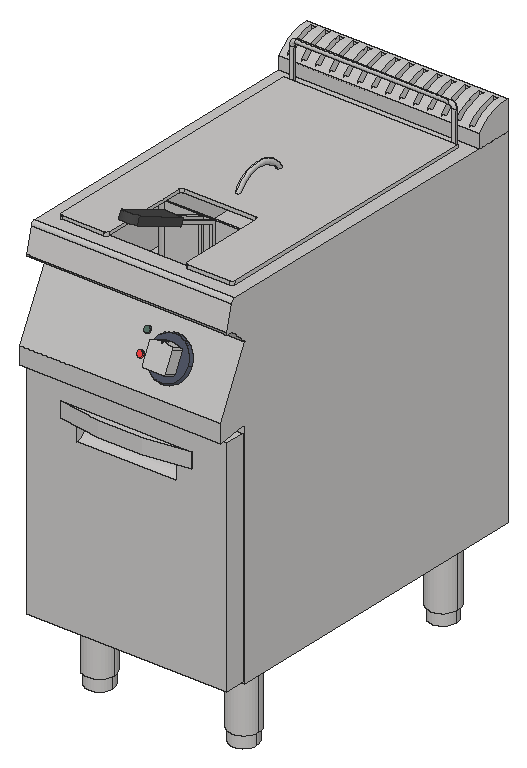
Revit family "QF_ZANUSSI_372081_Z7FRED1GF0", category Specialty Equipment, Revit 2018
Family settings
  Round Connector Dimension = Use Diameter
  Part Type = Normal
  Work Plane-Based = No
  Always vertical = Yes
  Cut with Voids When Loaded = No
  Shared = No
  Room Calculation Point = No
Parameters
  Width = 400 mm  # constant formula
  Weight in Pounds = 121  # constant formula
  Weight = 0.00 kg
  Watts = 10000 W  # constant formula
  Volts = 400 V  # constant formula
  URL Manufacturer = "http://www.zanussiprofessional.com"
  URL Cutsheet = "www.electrolux.com/foodservice"
  URL = "http://www.zanussiprofessional.com"
  Type Mark [instance] = ""
  Steam Supply Size = 0"
  Steam Supply Minimum Pressure = 0.00 psi
  Steam Supply Maximum Pressure = 0.00 psi
  Steam Pounds per Hour = 0
  Status [instance] = ""
  Specification by User [instance] = ""
  Specification by Manufacturer = ""
  Show Logo [instance] = yes
  Show Clearance [instance] = yes
  Serial Number = ""
  Seismic Rating = ""
  SMACNA No = ""
  Revision Code [instance] = ""
  Refrigeration Suction Line Size = 0"
  Refrigeration Liquid Line Size = 0"
  Refrigerant Compressor Remote = yes
  Phase = 3  # constant formula
  Omniclass Number and Title = ""
  Number of Poles [instance] = 1
  NAFEM Spec ID Number = ""
  Model = "Z7FRED1GF0"
  Min Ckt Ampacity = 0 A
  Max Overcurrent Protection = 0 A
  Masterspec = ""
  Manufacturer = "Zanussi"
  Length Actual = 400 mm  # constant formula
  Item Number [instance] = "372081"
  Installed By [instance] = ""
  Identify Quantity as Lot [instance] = yes
  Hot Water Size = 0"
  Height Actual = 850 mm  # constant formula
  Height = 333 mm  # constant formula
  HP = "13.4 HP"
  Gas Size = 0"
  Gas KW = 0
  Gas Input = 0.0 Btu/h
  Furnished By [instance] = ""
  Foodservice Equipment Identifier [instance] = yes
  FL Amps = if(Phase = 3, Watts / (Volts * 1.73), Watts / Volts)  # 14.4509 A
  Electrical Remarks [instance] = "400 V/3N ph/50/60 Hz"  # constant formula
  Electric Connection Type [instance] = ""
  Elec Conn RI Height [instance] = 0 mm
  Elec Conn Connection Height [instance] = 0 mm
  Direct Waste Size = 0"
  Description = "15 LITRE ELECTRIC FRYER 400 MM"
  Depth Actual = 700 mm  # constant formula
  Depth = 715 mm  # constant formula
  Cycle = if([60 Hertz Option], 60 Hz, 50 Hz)  # 60 Hz
  Conn Plug = ""
  Conn Conduit = yes
  Condensate Return Size = 0"
  Compressed Air Volume = 0 GPM
  Compressed Air Size = 0"
  Compressed Air Pressure = 0.00 psi
  Cold Water Size = 0"
  CSI MasterFormat = ""
  CSI Master Format = ""
  Base Height [instance] = 150 mm  # constant formula
  Apparent Power = if(Phase = 3, Volts * FL Amps * 1.73, Volts * FL Amps)  # 10000 VA
  Accessory = yes
  60 Hertz Option = not([50 Hertz Option])  # yes
  50 Hertz Option = no
Reference planes
  plane 1 "BACK": y = 0
  plane 2: z = 0
  plane 3 "LEFT": x = 0
  plane 4 "RIGHT": x = 400
  plane 5 "FRONT": y = -715
  plane 6 "TOP": z = 908.238
  plane 7 "Center Y": x = 200
  plane 8 "Center X": y = -357.5
  plane 9 "BASE": z = 600.238
  plane 10 "TOP A": z = 850.238
  plane 11: y = -587.387
  plane 12: y = -90
  plane 13: z = 150
Forms (mm)
  Extrusion 1, solid, material "QF_Finishes_Stainless Steel"
    sketch origin (0, 0, 0) x (0, 1, 0) y (0, 0, 1)
      loop
        line (0, 850) -> (-679.358, 850)
        arc (-679.358, 850) -> (-684.643, 847.811) -> (-686.833, 842.526) r 7.474
        line (-686.833, 842.526) -> (-699.884, 797.011)
        arc (-699.884, 797.011) -> (-699.396, 794.379) -> (-697, 793.184) r 3
        line (-697, 793.184) -> (-686.802, 793.184) -> (-654.982, 761.364) -> (-715, 640.508) -> (-715, 605.508) -> (-658.645, 613.428)
        arc (-658.645, 613.428) -> (-656.101, 612.674) -> (-655, 610.259) r 3.2
        line (-655, 610.259) -> (-655, 150) -> (0, 150) -> (0, 850)
      loop
        line (-700, 600) -> (-700, 155) -> (-660, 155) -> (-660, 600) -> (-700, 600)
    from 0 to 400
  Extrusion 2, solid, material "QF_Finishes_Stainless Steel"
    sketch origin (0, 0, 0) x (0, 1, 0) y (0, 0, 1)
      loop
        line (0, 850.238) -> (0, 908.237)
        arc (0, 908.237) -> (-38.715, 900.058) -> (-69.85, 875.637) r 87.358
        line (-69.85, 875.637) -> (-69.85, 850.238) -> (0, 850.238)
    from 0 to 400
  Extrusion 3, void
    sketch origin (0, 0, 850.238) x (-1, 0, 0) y (0, -1, 0)
      loop
        line (-33.338, 90.124) -> (-33.338, 645.265) -> (-366.662, 645.265) -> (-366.662, 90.124) -> (-33.338, 90.124)
    from 0 to -152.4
  Extrusion 4, solid, material "QF_Finishes_Stainless Steel"
    sketch origin (0, 0, 850.238) x (-1, 0, 0) y (0, -1, 0)
      loop
        arc (-26.988, 645.265) -> (-28.847, 649.755) -> (-33.338, 651.615) r 6.35
        line (-33.338, 651.615) -> (-115.863, 651.615)
        arc (-115.863, 651.615) -> (-120.353, 649.755) -> (-122.213, 645.265) r 6.35
        line (-122.213, 645.265) -> (-122.213, 473.512)
        arc (-122.213, 473.512) -> (-124.072, 469.021) -> (-128.563, 467.162) r 6.35
        line (-128.563, 467.162) -> (-271.437, 467.162)
        arc (-271.437, 467.162) -> (-275.928, 469.021) -> (-277.787, 473.512) r 6.35
        line (-277.787, 473.512) -> (-277.787, 645.29)
        arc (-277.787, 645.29) -> (-279.64, 649.762) -> (-284.112, 651.615) r 6.325
        line (-284.112, 651.615) -> (-366.662, 651.615)
        arc (-366.662, 651.615) -> (-371.153, 649.755) -> (-373.013, 645.265) r 6.35
        line (-373.013, 645.265) -> (-373.013, 90.124) -> (-26.988, 90.124) -> (-26.988, 645.265)
    from 0 to 6.35
  Sweep 5, solid, material "QF_Finishes_Stainless Steel"
    path origin (200, 0, 0) x (0, 1, 0) y (0, 0, 1)
      loop
        arc (-315.761, 850.238) -> (-370.2, 884.016) -> (-424.639, 850.238) r 60.757
    profile origin (200, -370.2, 884.016) x (0, 0, -1) y (1, 0, 0)
      loop
        circle (0, 0) r 4.353
  Sweep 6, solid, material "QF_Finishes_Stainless Steel"
    path origin (0, 0, 0) x (1, 0, 0) y (0, 0, 1)
      loop
        line (39.688, 846.5) -> (39.688, 914.588)
        arc (39.688, 914.588) -> (41.547, 919.078) -> (46.038, 920.938) r 6.35
        line (46.038, 920.938) -> (352.225, 920.938)
        arc (352.225, 920.938) -> (356.715, 919.078) -> (358.575, 914.588) r 6.35
        line (358.575, 914.588) -> (358.575, 846.5)
    profile origin (39.688, 0, 880.544) x (-1, 0, 0) y (0, -1, 0)
      loop
        circle (2.09, 83.254) r 3.827
  Extrusion 7, void
    sketch origin (0, 0, 850.238) x (-1, 0, 0) y (0, -1, 0)
      loop
        line (-13.453, 6.761) -> (-13.453, 63.911) -> (-22.749, 63.911) -> (-22.749, 6.761) -> (-13.453, 6.761)
    from 25.4 to 63.5
  Extrusion 8, void
    sketch origin (400.05, 0, 850.237) x (1, 0, 0) y (0, 1, 0)
      loop
        line (-13.503, -6.761) -> (-22.799, -6.761) -> (-22.799, -63.911) -> (-13.503, -63.911) -> (-13.503, -6.761)
    from 25.4 to 63.5
  Extrusion 9, void
    sketch origin (27.988, 0, 850.238) x (-1, 0, 0) y (0, -1, 0)
      loop
        line (-13.453, 6.761) -> (-13.453, 63.911) -> (-22.749, 63.911) -> (-22.749, 6.761) -> (-13.453, 6.761)
    from 25.4 to 63.5
  Extrusion 10, void
    sketch origin (55.977, 0, 850.238) x (-1, 0, 0) y (0, -1, 0)
      loop
        line (-13.453, 6.761) -> (-13.453, 63.911) -> (-22.749, 63.911) -> (-22.749, 6.761) -> (-13.453, 6.761)
    from 25.4 to 63.5
  Extrusion 11, void
    sketch origin (83.965, 0, 850.238) x (-1, 0, 0) y (0, -1, 0)
      loop
        line (-13.428, 6.761) -> (-13.428, 63.911) -> (-22.724, 63.911) -> (-22.724, 6.761) -> (-13.428, 6.761)
    from 25.4 to 63.5
  Extrusion 12, void
    sketch origin (111.953, 0, 850.237) x (-1, 0, 0) y (0, -1, 0)
      loop
        line (-13.428, 6.761) -> (-13.428, 63.911) -> (-22.724, 63.911) -> (-22.724, 6.761) -> (-13.428, 6.761)
    from 25.4 to 63.5
  Extrusion 13, void
    sketch origin (139.942, 0, 850.237) x (-1, 0, 0) y (0, -1, 0)
      loop
        line (-13.428, 6.761) -> (-13.428, 63.911) -> (-22.724, 63.911) -> (-22.724, 6.761) -> (-13.428, 6.761)
    from 25.4 to 63.5
  Extrusion 14, void
    sketch origin (167.93, 0, 850.237) x (-1, 0, 0) y (0, -1, 0)
      loop
        line (-13.428, 6.761) -> (-13.428, 63.911) -> (-22.724, 63.911) -> (-22.724, 6.761) -> (-13.428, 6.761)
    from 25.4 to 63.5
  Extrusion 15, void
    sketch origin (195.918, 0, 850.237) x (-1, 0, 0) y (0, -1, 0)
      loop
        line (-13.428, 6.761) -> (-13.428, 63.911) -> (-22.724, 63.911) -> (-22.724, 6.761) -> (-13.428, 6.761)
    from 25.4 to 63.5
  Extrusion 16, void
    sketch origin (223.907, 0, 850.237) x (-1, 0, 0) y (0, -1, 0)
      loop
        line (-13.428, 6.761) -> (-13.428, 63.911) -> (-22.724, 63.911) -> (-22.724, 6.761) -> (-13.428, 6.761)
    from 25.4 to 63.5
  Extrusion 17, void
    sketch origin (251.895, 0, 850.237) x (-1, 0, 0) y (0, -1, 0)
      loop
        line (-13.428, 6.761) -> (-13.428, 63.911) -> (-22.724, 63.911) -> (-22.724, 6.761) -> (-13.428, 6.761)
    from 25.4 to 63.5
  Extrusion 18, void
    sketch origin (279.884, 0, 850.237) x (-1, 0, 0) y (0, -1, 0)
      loop
        line (-13.403, 6.761) -> (-13.403, 63.911) -> (-22.699, 63.911) -> (-22.699, 6.761) -> (-13.403, 6.761)
    from 25.4 to 63.5
  Extrusion 19, void
    sketch origin (307.872, 0, 850.237) x (-1, 0, 0) y (0, -1, 0)
      loop
        line (-13.403, 6.761) -> (-13.403, 63.911) -> (-22.699, 63.911) -> (-22.699, 6.761) -> (-13.403, 6.761)
    from 25.4 to 63.5
  Extrusion 20, void
    sketch origin (335.86, 0, 850.237) x (-1, 0, 0) y (0, -1, 0)
      loop
        line (-13.403, 6.761) -> (-13.403, 63.911) -> (-22.699, 63.911) -> (-22.699, 6.761) -> (-13.403, 6.761)
    from 25.4 to 63.5
  Extrusion 21, solid, material "QF_Finishes_Clearance", visible <- "Show Clearance", detail levels coarse
    sketch origin (0, 0, 0) x (1, 0, 0) y (0, 1, 0)
      loop
        line (0, -715) -> (0, 0) -> (400, 0) -> (400, -715) -> (550.019, -715) -> (550.019, 150.019) -> (-150.019, 150.019) -> (-150.019, -715) -> (0, -715)
    from 0 to 908.237
  Extrusion 22, solid, material "QF_Finishes_Black"
    sketch origin (265.962, -698.333, 942.26) x (0, 0.906308, -0.422618) y (-1, 0, 0)
      loop
        line (10.103, 47.345) -> (128.716, 47.345) -> (128.716, 84.58) -> (10.103, 84.58)
        arc (10.103, 84.58) -> (-0.124, 65.962) -> (10.103, 47.345) r 22.059
    from -15.884 to 0
  Extrusion 23, solid, material "QF_Finishes_Stainless Steel"
    sketch origin (265.962, 41.275, 0) x (0, 1, 0) y (0, 0, 1)
      loop
        line (-537.413, 741.238) -> (-537.413, 842.715) -> (-624.966, 883.542) -> (-627.65, 877.787) -> (-543.763, 838.67) -> (-543.763, 741.238) -> (-537.413, 741.238)
    from -80.476 to -74.619
  Extrusion 24, solid, material "QF_Finishes_Stainless Steel"
    sketch origin (134.088, 41.275, 0) x (0, 1, 0) y (0, 0, -1)
      loop
        line (-543.763, -838.67) -> (-627.65, -877.787) -> (-624.966, -883.542) -> (-537.413, -842.715) -> (-537.413, -741.238) -> (-543.763, -741.238) -> (-543.763, -838.67)
    from -80.476 to -74.619
  Extrusion 25, solid, material "QF_Finishes_Mesh"
    sketch origin (0, 0, 850.238) x (-1, 0, 0) y (0, -1, 0)
      loop
        arc (-116.6, 131.498) -> (-98.64, 138.937) -> (-91.2, 156.898) r 25.4
        line (-91.2, 156.898) -> (-91.2, 473.61)
        arc (-91.2, 473.61) -> (-98.64, 491.571) -> (-116.6, 499.01) r 25.4
        line (-116.6, 499.01) -> (-294.375, 499.01)
        arc (-294.375, 499.01) -> (-312.336, 491.571) -> (-319.775, 473.61) r 25.4
        line (-319.775, 473.61) -> (-319.775, 156.898)
        arc (-319.775, 156.898) -> (-312.336, 138.937) -> (-294.375, 131.498) r 25.4
        line (-294.375, 131.498) -> (-116.6, 131.498)
      loop
        arc (-116.6, 134.673) -> (-100.885, 141.182) -> (-94.375, 156.898) r 22.225
        line (-94.375, 156.898) -> (-94.375, 473.61)
        arc (-94.375, 473.61) -> (-100.885, 489.326) -> (-116.6, 495.835) r 22.225
        line (-116.6, 495.835) -> (-294.375, 495.835)
        arc (-294.375, 495.835) -> (-310.091, 489.326) -> (-316.6, 473.61) r 22.225
        line (-316.6, 473.61) -> (-316.6, 156.898)
        arc (-316.6, 156.898) -> (-310.091, 141.182) -> (-294.375, 134.673) r 22.225
        line (-294.375, 134.673) -> (-116.6, 134.673)
    from -109 to -5.315
  Revolve 26, solid, material "QF_Finishes_Stainless Steel"
    sketch origin (0, -587.387, 608.09) x (0, 0, 1) y (-1, 0, 0)
      loop
        line (-608.09, -56) -> (-458.09, -56) -> (-458.09, -26) -> (-583.09, -26) -> (-583.09, -29.75) -> (-608.09, -29.75) -> (-608.09, -56)
      axis (-608.09, -56) -> (-458.09, -56)
    angle from 0 to 360
  Revolve 27, solid, material "QF_Finishes_Stainless Steel"
    sketch origin (400.05, -587.387, 608.09) x (0, 0, 1) y (-1, 0, 0)
      loop
        line (-608.09, 56.05) -> (-608.09, 29.8) -> (-583.09, 29.8) -> (-583.09, 26.05) -> (-458.09, 26.05) -> (-458.09, 56.05) -> (-608.09, 56.05)
      axis (-608.09, 56.05) -> (-458.09, 56.05)
    angle from 0 to 360
  Revolve 28, solid, material "QF_Finishes_Stainless Steel"
    sketch origin (0, -90, 608.09) x (0, 0, 1) y (-1, 0, 0)
      loop
        line (-608.09, -56) -> (-458.09, -56) -> (-458.09, -26) -> (-583.09, -26) -> (-583.09, -29.75) -> (-608.09, -29.75) -> (-608.09, -56)
      axis (-608.09, -56) -> (-458.09, -56)
    angle from 0 to 360
  Revolve 29, solid, material "QF_Finishes_Stainless Steel"
    sketch origin (400.05, -90, 608.09) x (0, 0, 1) y (-1, 0, 0)
      loop
        line (-608.09, 56.05) -> (-608.09, 29.8) -> (-583.09, 29.8) -> (-583.09, 26.05) -> (-458.09, 26.05) -> (-458.09, 56.05) -> (-608.09, 56.05)
      axis (-608.09, 56.05) -> (-458.09, 56.05)
    angle from 0 to 360
  Extrusion 30, solid, material "QF_Finishes_Stainless Steel"
    sketch origin (-77.88, -4572, 600.238) x (-1, 0, 0) y (0, -1, 0)
      loop
        circle (-425.88, -4067) r 12.7
    from 0 to -12.7
  Blend 31, solid, material "QF_Finishes_Navy Blue"
    base sketch origin (275, -684.991, 700.936) x (1, 0, 0) y (0, 0.444781, 0.895639)
      loop
        circle (0, 0) r 42.5
    top sketch origin (275, -684.991, 700.936) x (1, 0, 0) y (0, 0.444781, 0.895639)
      loop
        circle (0, 0) r 40.5
    from 0 to 5
  Extrusion 32, solid, material "QF_Finishes_Stainless Steel"
    sketch origin (275, -684.991, 700.936) x (1, 0, 0) y (0, 0.444781, 0.895639)
      loop
        arc (-21.147, 22.789) -> (-22.494, 21.685) -> (-23, 20.019) r 2.997
        line (-23, 20.019) -> (-23, -20.019)
        arc (-23, -20.019) -> (-22.122, -22.138) -> (-20.003, -23.016) r 2.997
        line (-20.003, -23.016) -> (20.003, -23.016)
        arc (20.003, -23.016) -> (22.122, -22.138) -> (23, -20.019) r 2.997
        line (23, -20.019) -> (23, 20.019)
        arc (23, 20.019) -> (22.494, 21.685) -> (21.147, 22.789) r 2.997
        arc (21.147, 22.789) -> (0, 26.984) -> (-21.147, 22.789) r 55.4
    from 10 to 34
  Extrusion 33, solid, material "QF_Finishes_Stainless Steel"
    sketch origin (275, -684.991, 700.936) x (1, 0, 0) y (0, 0.444781, 0.895639)
      loop
        line (17.5, 17.5) -> (-17.5, 17.5) -> (-17.5, -17.5) -> (17.5, -17.5) -> (17.5, 17.5)
    from 5 to 10
  Extrusion 34, solid, material "QF_Plastic-Black-Matte"
    sketch origin (195, -684.991, 700.936) x (0, 0.444781, 0.895639) y (0, 0.895639, -0.444781)
      loop
        line (26.984, -34) -> (23.984, -34) -> (23.984, -35) -> (26.984, -35)
        arc (26.984, -35) -> (27.691, -34.707) -> (27.984, -34) r 1
        line (27.984, -34) -> (27.984, -19) -> (26.984, -19) -> (26.984, -34)
    from -81 to -79
  Extrusion 35, solid, material "QF_Finishes_Red"
    sketch origin (275, -689.439, 691.98) x (1, 0, 0) y (0, 0.444781, 0.895639)
      loop
        circle (-55.001, 0) r 6
    from 0 to 1.6
  Extrusion 36, solid, material "QF_Finishes_DarkGreen"
    sketch origin (275, -671.648, 727.805) x (1, 0, 0) y (0, 0.444781, 0.895639)
      loop
        circle (-55.001, 0) r 6
    from 0 to 1.6
  Extrusion 37, solid, material "QF_Finishes_Door Clearance", visible <- "Show Clearance", detail levels coarse
    sketch origin (0, 0, 850) x (-1, 0, 0) y (0, -1, 0)
      loop
        arc (0, 672.137) -> (-117.157, 954.98) -> (-400, 1072.137) r 400
        line (-400, 1072.137) -> (-400, 672.137) -> (0, 672.137)
    from -695 to -250
  Extrusion 38, solid, material "QF_Finishes_Stainless Steel"
    sketch origin (-77.88, -4572, 130) x (-1, 0, 0) y (0, -1, 0)
      loop
        arc (-147.606, -3871.085) -> (-277.88, -3857) -> (-408.153, -3871.085) r 609.497
        line (-408.153, -3871.085) -> (-408.153, -3872) -> (-147.606, -3872) -> (-147.606, -3871.085)
    from 400 to 430
  Extrusion 39, void
    sketch origin (200, -27.863, -20) x (0, 1, 0) y (0, 0, 1)
      loop
        line (-672.137, 567) -> (-672.137, 517)
        arc (-672.137, 517) -> (-656.47, 524.721) -> (-650.137, 541) r 24.091
        line (-650.137, 541) -> (-650.137, 567) -> (-672.137, 567)
    from -100 to 100
Cuts and joins
  Extrusion 3, Extrusion 7, Extrusion 39 cuts Extrusion 1
  joined: Extrusion 4, Sweep 5
  Extrusion 7, Extrusion 8, Extrusion 9, Extrusion 10, Extrusion 11, Extrusion 12, Extrusion 13, Extrusion 14, Extrusion 15, Extrusion 16, Extrusion 17, Extrusion 18, Extrusion 19, Extrusion 20 cuts Extrusion 2
Lines and regions (mm)
  Split face 1
    outline origin (276.664, -684.796, 712.57) x (1, 0, 0) y (0, 0.444781, 0.895639)
      loop
        circle (-34, 0) r 1.5
  Split face 2
    outline origin (273.297, -687.581, 706.962) x (1, 0, 0) y (0, 0.444781, 0.895639)
      loop
        circle (-30.633, -14.752) r 1.5
  Split face 3
    outline origin (276.214, -689.88, 702.332) x (1, 0, 0) y (0, 0.444781, 0.895639)
      loop
        circle (-21.199, -26.582) r 1.5
  Split face 4
    outline origin (282.566, -689.848, 702.397) x (1, 0, 0) y (0, 0.444781, 0.895639)
      loop
        circle (-7.566, -33.148) r 1.5
  Split face 5
    outline origin (287.419, -686.96, 708.212) x (1, 0, 0) y (0, 0.444781, 0.895639)
      loop
        circle (7.566, -33.148) r 1.5
  Split face 6
    outline origin (286.137, -682.319, 717.558) x (1, 0, 0) y (0, 0.444781, 0.895639)
      loop
        circle (21.199, -26.582) r 1.5
  Split face 7
    outline origin (276.703, -678.235, 725.783) x (1, 0, 0) y (0, 0.444781, 0.895639)
      loop
        circle (30.633, -14.752) r 1.5
  Split face 8
    outline origin (260.985, -677.235, 727.796) x (1, 0, 0) y (0, 0.444781, 0.895639)
      loop
        circle (34, 0) r 1.5
  Split face 9
    outline origin (275, -689.469, 703.16) x (1, 0, 0) y (0, 0.444781, 0.895639)
      loop
        circle (0, 34) r 1.5
  symbolic lines, style "QF-Clearances", visible <- "Show Clearance", detail levels coarse
    curve 1: line (-150.019, 150.019, 850.238) -> (-150.019, -716.377, 850.238)
    curve 2: line (550.019, 150.019, 850.237) -> (-150.019, 150.019, 850.238)
    curve 3: line (550.019, -716.377, 850.237) -> (550.019, 150.019, 850.237)
  symbolic lines
    curve 4: line (0, 0, 850.238) -> (400, 0, 850.237)
    curve 5: line (0, -715, 850.238) -> (0, 0, 850.238)
    curve 6: line (400, 0, 850.237) -> (400, -715, 850.237)
    curve 7: line (22.724, -6.761, 850.238) -> (22.724, -63.911, 850.238)
    curve 8: line (22.724, -63.911, 850.238) -> (13.428, -63.911, 850.238)
    curve 9: line (13.428, -63.911, 850.238) -> (13.428, -6.761, 850.238)
    curve 10: line (13.428, -6.761, 850.238) -> (22.724, -6.761, 850.238)
    curve 11: line (386.547, -6.761, 850.237) -> (386.547, -63.911, 850.237)
    curve 12: line (386.547, -63.911, 850.237) -> (377.251, -63.911, 850.237)
    curve 13: line (377.251, -63.911, 850.237) -> (377.251, -6.761, 850.237)
    curve 14: line (377.251, -6.761, 850.237) -> (386.547, -6.761, 850.237)
    curve 15: line (50.712, -6.761, 850.238) -> (50.712, -63.911, 850.238)
    curve 16: line (50.712, -63.911, 850.238) -> (41.416, -63.911, 850.238)
    curve 17: line (41.416, -63.911, 850.238) -> (41.416, -6.761, 850.238)
    curve 18: line (41.416, -6.761, 850.238) -> (50.712, -6.761, 850.238)
    curve 19: line (78.7, -6.761, 850.238) -> (78.7, -63.911, 850.238)
    curve 20: line (78.7, -63.911, 850.238) -> (69.405, -63.911, 850.238)
    curve 21: line (69.405, -63.911, 850.238) -> (69.405, -6.761, 850.238)
    curve 22: line (69.405, -6.761, 850.238) -> (78.7, -6.761, 850.238)
    curve 23: line (106.689, -6.761, 850.237) -> (106.689, -63.911, 850.237)
    curve 24: line (106.689, -63.911, 850.237) -> (97.393, -63.911, 850.238)
    curve 25: line (97.393, -63.911, 850.238) -> (97.393, -6.761, 850.238)
    curve 26: line (97.393, -6.761, 850.238) -> (106.689, -6.761, 850.237)
    curve 27: line (134.677, -6.761, 850.237) -> (134.677, -63.911, 850.237)
    curve 28: line (134.677, -63.911, 850.237) -> (125.381, -63.911, 850.237)
    curve 29: line (125.381, -63.911, 850.237) -> (125.381, -6.761, 850.237)
    curve 30: line (125.381, -6.761, 850.237) -> (134.677, -6.761, 850.237)
    curve 31: line (162.665, -6.761, 850.237) -> (162.665, -63.911, 850.237)
    curve 32: line (162.665, -63.911, 850.237) -> (153.37, -63.911, 850.237)
    curve 33: line (153.37, -63.911, 850.237) -> (153.37, -6.761, 850.237)
    curve 34: line (153.37, -6.761, 850.237) -> (162.665, -6.761, 850.237)
    curve 35: line (190.654, -6.761, 850.237) -> (190.654, -63.911, 850.237)
    curve 36: line (190.654, -63.911, 850.237) -> (181.358, -63.911, 850.237)
    curve 37: line (181.358, -63.911, 850.237) -> (181.358, -6.761, 850.237)
    curve 38: line (181.358, -6.761, 850.237) -> (190.654, -6.761, 850.237)
    curve 39: line (218.642, -6.761, 850.237) -> (218.642, -63.911, 850.237)
    curve 40: line (218.642, -63.911, 850.237) -> (209.346, -63.911, 850.237)
    curve 41: line (209.346, -63.911, 850.237) -> (209.346, -6.761, 850.237)
    curve 42: line (209.346, -6.761, 850.237) -> (218.642, -6.761, 850.237)
    curve 43: line (246.605, -6.761, 850.237) -> (246.605, -63.911, 850.237)
    curve 44: line (246.605, -63.911, 850.237) -> (237.31, -63.911, 850.237)
    curve 45: line (237.31, -63.911, 850.237) -> (237.31, -6.761, 850.237)
    curve 46: line (237.31, -6.761, 850.237) -> (246.605, -6.761, 850.237)
    curve 47: line (274.594, -6.761, 850.237) -> (274.594, -63.911, 850.237)
    curve 48: line (274.594, -63.911, 850.237) -> (265.298, -63.911, 850.237)
    curve 49: line (265.298, -63.911, 850.237) -> (265.298, -6.761, 850.237)
    curve 50: line (265.298, -6.761, 850.237) -> (274.594, -6.761, 850.237)
    curve 51: line (302.582, -6.761, 850.237) -> (302.582, -63.911, 850.237)
    curve 52: line (302.582, -63.911, 850.237) -> (293.286, -63.911, 850.237)
    curve 53: line (293.286, -63.911, 850.237) -> (293.286, -6.761, 850.237)
    curve 54: line (293.286, -6.761, 850.237) -> (302.582, -6.761, 850.237)
    curve 55: line (330.57, -6.761, 850.237) -> (330.57, -63.911, 850.237)
    curve 56: line (330.57, -63.911, 850.237) -> (321.275, -63.911, 850.237)
    curve 57: line (321.275, -63.911, 850.237) -> (321.275, -6.761, 850.237)
    curve 58: line (321.275, -6.761, 850.237) -> (330.57, -6.761, 850.237)
    curve 59: line (358.559, -6.761, 850.237) -> (358.559, -63.911, 850.237)
    curve 60: line (358.559, -63.911, 850.237) -> (349.263, -63.911, 850.237)
    curve 61: line (349.263, -63.911, 850.237) -> (349.263, -6.761, 850.237)
    curve 62: line (349.263, -6.761, 850.237) -> (358.559, -6.761, 850.237)
    curve 63: line (26.988, -90.124, 850.238) -> (26.988, -645.265, 850.238)
    curve 64: arc (26.988, -645.265, 850.238) -> (28.847, -649.755, 850.238) -> (33.338, -651.615, 850.238) r 6.35
    curve 65: line (33.338, -651.615, 850.238) -> (115.863, -651.615, 850.237)
    curve 66: arc (115.863, -651.615, 850.237) -> (120.353, -649.755, 850.237) -> (122.213, -645.265, 850.237) r 6.35
    curve 67: line (122.213, -645.265, 850.237) -> (122.213, -473.512, 850.237)
    curve 68: arc (122.213, -473.512, 850.237) -> (124.072, -469.021, 850.237) -> (128.563, -467.162, 850.237) r 6.35
    curve 69: line (128.563, -467.162, 850.237) -> (271.413, -467.162, 850.237)
    curve 70: arc (271.413, -467.162, 850.237) -> (275.903, -469.021, 850.237) -> (277.763, -473.512, 850.237) r 6.35
    curve 71: line (277.763, -473.512, 850.237) -> (277.763, -645.265, 850.237)
    curve 72: arc (277.763, -645.265, 850.237) -> (279.622, -649.755, 850.237) -> (284.113, -651.615, 850.237) r 6.35
    curve 73: line (284.113, -651.615, 850.237) -> (366.663, -651.615, 850.237)
    curve 74: arc (366.663, -651.615, 850.237) -> (371.153, -649.755, 850.237) -> (373.013, -645.265, 850.237) r 6.35
    curve 75: line (373.013, -645.265, 850.237) -> (373.013, -90.124, 850.237)
    curve 76: line (373.013, -90.124, 850.237) -> (26.988, -90.124, 850.238)
    curve 77: line (31.725, -69.85, 850.238) -> (0, -69.85, 850.238)
    curve 78: line (0, -69.85, 850.238) -> (0, -63.012, 850.238)
    curve 79: line (0, -69.85, 850.238) -> (400, -69.85, 850.237)
    curve 80: line (201.587, -90.124, 850.237) -> (366.663, -90.124, 850.237)
    curve 81: line (33.313, -90.124, 850.238) -> (198.413, -90.124, 850.237)
    curve 82: line (218.617, -695.889, 850.237) -> (218.617, -581.677, 850.237)
    curve 83: line (181.383, -581.677, 850.237) -> (181.383, -695.889, 850.237)
    curve 84: line (218.617, -581.677, 850.237) -> (181.383, -581.677, 850.237)
    curve 85: spline (218.617, -695.889, 850.237) -> (216.385, -698.551, 850.237) -> (213.694, -700.839, 850.237) -> (210.621, -702.688, 850.237) -> (207.25, -704.047, 850.237) -> (203.676, -704.878, 850.237) -> (200, -705.158, 850.237) -> (196.324, -704.878, 850.237) -> (192.75, -704.047, 850.237) -> (189.379, -702.688, 850.237) -> (186.306, -700.839, 850.237) -> (183.615, -698.551, 850.237) -> (181.383, -695.889, 850.237)
    curve 86: line (218.617, -645.265, 850.237) -> (277.763, -645.265, 850.237)
    curve 87: line (181.383, -645.265, 850.237) -> (122.213, -645.265, 850.237)
    curve 88: line (191.318, -499.01, 850.237) -> (191.318, -581.677, 850.237)
    curve 89: line (185.462, -581.677, 850.237) -> (185.462, -499.01, 850.237)
    curve 90: line (214.538, -499.01, 850.237) -> (214.538, -581.677, 850.237)
    curve 91: line (208.682, -581.677, 850.237) -> (208.682, -499.01, 850.237)
    curve 92: spline (181.383, -689.176, 850.237) -> (183.615, -691.839, 850.237) -> (186.306, -694.126, 850.237) -> (189.379, -695.976, 850.237) -> (192.75, -697.335, 850.237) -> (196.324, -698.166, 850.237) -> (200, -698.445, 850.237) -> (203.676, -698.166, 850.237) -> (207.25, -697.335, 850.237) -> (210.621, -695.976, 850.237) -> (213.694, -694.126, 850.237) -> (216.385, -691.839, 850.237) -> (218.617, -689.176, 850.237)
    curve 93: line (195.545, -420.932, 850.237) -> (195.545, -319.469, 850.237)
    curve 94: line (204.443, -319.469, 850.237) -> (204.443, -420.932, 850.237)
    curve 95: arc (195.545, -420.932, 850.237) -> (199.994, -425.382, 850.237) -> (204.443, -420.932, 850.237) r 4.449
    curve 96: arc (195.545, -319.469, 850.237) -> (199.994, -315.02, 850.237) -> (204.443, -319.469, 850.237) r 4.449
    curve 97: line (37.573, -79.289, 850.238) -> (362.402, -79.289, 850.237)
    curve 98: line (37.573, -86.944, 850.238) -> (37.573, -79.289, 850.238)
    curve 99: line (362.402, -86.944, 850.237) -> (37.573, -86.944, 850.238)
    curve 100: line (362.402, -79.289, 850.237) -> (362.402, -86.944, 850.237)
    curve 101: line (122.213, -499.01, 850.237) -> (277.763, -499.01, 850.237)
    curve 102: line (122.213, -495.835, 850.237) -> (277.763, -495.835, 850.237)
    curve 105: line (0, -700, 0) -> (185.248, -700, 0)
    curve 106: line (252, -700, 0) -> (252, -724.347, 0)
    curve 107: arc (252, -724.347, 0) -> (252.146, -724.811, 0) -> (252.532, -725.107, 0) r 0.809
    curve 108: arc (252.532, -725.107, 0) -> (253.72, -725.587, 0) -> (254.997, -725.68, 0) r 4.127
    curve 109: arc (252, -704.292, 0) -> (246.959, -702.458, 0) -> (242.191, -700, 0) r 42.24
    curve 110: arc (252, -706.539, 0) -> (252.502, -705.818, 0) -> (253.299, -705.448, 0) r 1.682
    curve 111: arc (253.299, -705.448, 0) -> (263.602, -703.95, 0) -> (274, -703.441, 0) r 109.079
    curve 112: line (274, -700, 0) -> (274, -705.671, 0)
    curve 113: line (274, -705.671, 0) -> (276, -705.671, 0)
    curve 114: line (276, -705.671, 0) -> (276, -700, 0)
    curve 115: line (298, -700, 0) -> (298, -724.347, 0)
    curve 116: arc (298, -724.347, 0) -> (297.854, -724.811, 0) -> (297.468, -725.107, 0) r 0.809
    curve 117: arc (297.468, -725.107, 0) -> (296.28, -725.587, 0) -> (295.003, -725.68, 0) r 4.127
    curve 118: arc (298, -704.292, 0) -> (303.041, -702.458, 0) -> (307.809, -700, 0) r 42.24
    curve 119: arc (298, -706.539, 0) -> (297.498, -705.818, 0) -> (296.701, -705.448, 0) r 1.682
    curve 120: arc (296.701, -705.448, 0) -> (286.398, -703.95, 0) -> (276, -703.441, 0) r 109.079
    curve 121: line (254.997, -725.68, 0) -> (295.003, -725.68, 0)
    curve 122: line (298, -715, 0) -> (400.05, -715, 0)
    curve 123: line (0, -715, 0) -> (252, -715, 0)
    curve 124: line (214.733, -700, 0) -> (400.05, -700, 0)
  symbolic lines, style "QF-Door Swings"
    curve 103: arc (2.303, -715, 850.238) -> (19.743, -796.254, 850.238) -> (53.597, -872.15, 850.238) r 400
    curve 104: line (53.597, -872.15, 850.238) -> (325.76, -715, 850.237)
Dimensions and locks
  equal spacing: plane 3 "LEFT", plane 7 "Center Y", plane 4 "RIGHT"
  "Width": plane 3 "LEFT" to plane 4 "RIGHT"
  equal spacing: plane 5 "FRONT", plane 8 "Center X", plane 1 "BACK"
  "Depth": plane 5 "FRONT" to plane 1 "BACK"
  plane 1 "BACK" to plane 5 "FRONT" = 715 mm
  plane 10 "TOP A" to plane 9 "BASE" = 250 mm
  plane 6 "TOP" to plane 10 "TOP A" = 58 mm
  "Base Height": plane 13 to level
  plane 10 "TOP A" to plane 13 = 700.237 mm
  aligned and locked: level to plane 2
  aligned and locked: plane 4 "RIGHT" to Extrusion 1
  aligned and locked: plane 4 "RIGHT" to Extrusion 2
  aligned and locked: plane 6 "TOP" to Extrusion 21
  aligned and locked: plane 10 "TOP A" to Extrusion 2 sketch curve
Automatic sketch dimensions
  Extrusion 2 sketch curve to plane 1 "BACK" = 0 mm
  Extrusion 2 sketch curve to plane 6 "TOP" = 0 mm
  plane 1 "BACK" to Extrusion 2 sketch curve = 1.769 mm
  plane 10 "TOP A" to Extrusion 2 sketch curve = 25.4 mm
  plane 1 "BACK" to Extrusion 2 sketch curve = 69.85 mm
  plane 12 to Extrusion 3 sketch curve = 0.124 mm
  Extrusion 3 sketch curve to plane 4 "RIGHT" = 33.337 mm
  plane 3 "LEFT" to Extrusion 3 sketch curve = 33.338 mm
  plane 11 to Extrusion 3 sketch curve = 57.877 mm
  plane 12 to Extrusion 4 sketch curve = 0.124 mm
  Extrusion 4 sketch curve to plane 4 "RIGHT" = 26.987 mm
  Extrusion 4 sketch curve to Extrusion 4 sketch curve = 6.35 mm  (x3)
  Extrusion 4 sketch curve to Extrusion 4 sketch curve = 82.55 mm
  plane 7 "Center Y" to Extrusion 4 sketch curve = 77.787 mm
  Extrusion 4 sketch curve to plane 7 "Center Y" = 71.437 mm
  Extrusion 4 sketch curve to plane 7 "Center Y" = 77.787 mm
  plane 3 "LEFT" to Extrusion 4 sketch curve = 33.338 mm
  plane 3 "LEFT" to Extrusion 4 sketch curve = 26.988 mm
  Extrusion 4 sketch curve to plane 8 "Center X" = 109.662 mm
  plane 11 to Extrusion 4 sketch curve = 57.877 mm  (x2)
  Sweep 5 sketch curve to plane 10 "TOP A" = 0 mm  (x2)
  Sweep 5 sketch curve to plane 8 "Center X" = 67.139 mm
  Sweep 5 sketch curve to plane 8 "Center X" = 12.7 mm
  Sweep 5 sketch curve to plane 10 "TOP A" = 26.978 mm
  Sweep 5 sketch curve to plane 7 "Center Y" = 0 mm
  Sweep 5 sketch curve to profile plane = 0 mm
  plane 6 "TOP" to Sweep 6 sketch curve = 6.35 mm  (x2)
  plane 3 "LEFT" to Sweep 6 sketch curve = 39.688 mm
  Sweep 6 sketch curve to Sweep 6 sketch curve = 6.35 mm
  Sweep 6 sketch curve to plane 4 "RIGHT" = 47.775 mm
  Sweep 6 sketch curve to plane 10 "TOP A" = 3.737 mm  (x2)
  Sweep 6 sketch curve to profile plane = 2.09 mm
  plane 1 "BACK" to Sweep 6 sketch curve = 83.254 mm
  plane 1 "BACK" to Extrusion 7 sketch curve = 6.761 mm
  plane 3 "LEFT" to Extrusion 7 sketch curve = 22.749 mm
  Extrusion 7 sketch curve to Extrusion 7 sketch curve = 9.296 mm
  Extrusion 7 sketch curve to Extrusion 7 sketch curve = 57.15 mm
  Extrusion 8 sketch curve to plane 1 "BACK" = 6.761 mm
  plane 4 "RIGHT" to Extrusion 8 sketch curve = 22.749 mm
  Extrusion 8 sketch curve to Extrusion 8 sketch curve = 9.296 mm
  Extrusion 8 sketch curve to Extrusion 8 sketch curve = 57.15 mm
  plane 1 "BACK" to Extrusion 9 sketch curve = 6.761 mm
  plane 3 "LEFT" to Extrusion 9 sketch curve = 50.737 mm
  Extrusion 9 sketch curve to Extrusion 9 sketch curve = 9.296 mm
  Extrusion 9 sketch curve to Extrusion 9 sketch curve = 57.15 mm
  plane 1 "BACK" to Extrusion 10 sketch curve = 6.761 mm
  plane 3 "LEFT" to Extrusion 10 sketch curve = 78.725 mm
  Extrusion 10 sketch curve to Extrusion 10 sketch curve = 9.296 mm
  Extrusion 10 sketch curve to Extrusion 10 sketch curve = 57.15 mm
  plane 1 "BACK" to Extrusion 11 sketch curve = 6.761 mm
  Extrusion 11 sketch curve to plane 7 "Center Y" = 93.311 mm
  Extrusion 11 sketch curve to Extrusion 11 sketch curve = 9.296 mm
  Extrusion 11 sketch curve to Extrusion 11 sketch curve = 57.15 mm
  plane 1 "BACK" to Extrusion 12 sketch curve = 6.761 mm
  Extrusion 12 sketch curve to plane 7 "Center Y" = 65.323 mm
  Extrusion 12 sketch curve to Extrusion 12 sketch curve = 9.296 mm
  Extrusion 12 sketch curve to Extrusion 12 sketch curve = 57.15 mm
  plane 1 "BACK" to Extrusion 13 sketch curve = 6.761 mm
  Extrusion 13 sketch curve to plane 7 "Center Y" = 37.335 mm
  Extrusion 13 sketch curve to Extrusion 13 sketch curve = 9.296 mm
  Extrusion 13 sketch curve to Extrusion 13 sketch curve = 57.15 mm
  Extrusion 14 sketch curve to plane 7 "Center Y" = 9.346 mm
  Extrusion 14 sketch curve to Extrusion 14 sketch curve = 9.296 mm
  plane 1 "BACK" to Extrusion 14 sketch curve = 6.761 mm
  Extrusion 14 sketch curve to Extrusion 14 sketch curve = 57.15 mm
  plane 1 "BACK" to Extrusion 15 sketch curve = 6.761 mm
  plane 7 "Center Y" to Extrusion 15 sketch curve = 18.642 mm
  Extrusion 15 sketch curve to Extrusion 15 sketch curve = 9.296 mm
  Extrusion 15 sketch curve to Extrusion 15 sketch curve = 57.15 mm
  plane 1 "BACK" to Extrusion 16 sketch curve = 6.761 mm
  plane 7 "Center Y" to Extrusion 16 sketch curve = 46.63 mm
  Extrusion 16 sketch curve to Extrusion 16 sketch curve = 9.296 mm
  Extrusion 16 sketch curve to Extrusion 16 sketch curve = 57.15 mm
  plane 1 "BACK" to Extrusion 17 sketch curve = 6.761 mm
  plane 7 "Center Y" to Extrusion 17 sketch curve = 74.619 mm
  Extrusion 17 sketch curve to Extrusion 17 sketch curve = 9.296 mm
  Extrusion 17 sketch curve to Extrusion 17 sketch curve = 57.15 mm
  plane 1 "BACK" to Extrusion 18 sketch curve = 6.761 mm
  Extrusion 18 sketch curve to plane 4 "RIGHT" = 97.418 mm
  Extrusion 18 sketch curve to Extrusion 18 sketch curve = 9.296 mm
  Extrusion 18 sketch curve to Extrusion 18 sketch curve = 57.15 mm
  plane 1 "BACK" to Extrusion 19 sketch curve = 6.761 mm
  Extrusion 19 sketch curve to plane 4 "RIGHT" = 69.43 mm
  Extrusion 19 sketch curve to Extrusion 19 sketch curve = 9.296 mm
  Extrusion 19 sketch curve to Extrusion 19 sketch curve = 57.15 mm
  plane 1 "BACK" to Extrusion 20 sketch curve = 6.761 mm
  Extrusion 20 sketch curve to plane 4 "RIGHT" = 41.441 mm
  Extrusion 20 sketch curve to Extrusion 20 sketch curve = 9.296 mm
  Extrusion 20 sketch curve to Extrusion 20 sketch curve = 57.15 mm
  plane 1 "BACK" to Extrusion 21 sketch curve = 0 mm
  Extrusion 21 sketch curve to plane 3 "LEFT" = 0 mm
  Extrusion 21 sketch curve to plane 4 "RIGHT" = 0 mm
  Extrusion 21 sketch curve to plane 3 "LEFT" = 150.019 mm
  plane 5 "FRONT" to Extrusion 21 sketch curve = 0 mm  (x2)
  plane 4 "RIGHT" to Extrusion 21 sketch curve = 150.019 mm
  Extrusion 21 sketch curve to plane 1 "BACK" = 150.019 mm
  Extrusion 22 sketch curve to plane 7 "Center Y" = 0 mm
  plane 7 "Center Y" to Extrusion 22 sketch curve = 18.617 mm
  Extrusion 22 sketch curve to plane 7 "Center Y" = 18.617 mm
  Extrusion 22 sketch curve to Extrusion 22 sketch curve = 11.832 mm
  Extrusion 22 sketch curve to Extrusion 22 sketch curve = 106.78 mm
  Extrusion 23 sketch curve to plane 11 = 1.013 mm
  Extrusion 23 sketch curve to plane 11 = 3.696 mm
  Extrusion 23 sketch curve to plane 10 "TOP A" = 11.567 mm
  Extrusion 23 sketch curve to plane 11 = 84.899 mm
  Extrusion 23 sketch curve to plane 10 "TOP A" = 7.522 mm
  Extrusion 23 sketch curve to Extrusion 23 sketch curve = 6.35 mm
  Extrusion 23 sketch curve to Extrusion 23 sketch curve = 97.432 mm
  Extrusion 24 sketch curve to plane 11 = 1.013 mm
  Extrusion 24 sketch curve to plane 11 = 3.696 mm
  Extrusion 24 sketch curve to plane 10 "TOP A" = 11.567 mm
  Extrusion 24 sketch curve to plane 11 = 84.899 mm
  Extrusion 24 sketch curve to Extrusion 24 sketch curve = 6.35 mm
  Extrusion 24 sketch curve to plane 10 "TOP A" = 7.522 mm
  Extrusion 24 sketch curve to Extrusion 24 sketch curve = 97.432 mm
  Extrusion 25 sketch curve to Extrusion 25 sketch curve = 0 mm  (x8)
  Extrusion 25 sketch curve to plane 4 "RIGHT" = 80.225 mm
  Extrusion 25 sketch curve to Extrusion 25 sketch curve = 3.175 mm
  Extrusion 25 sketch curve to Extrusion 25 sketch curve = 22.225 mm  (x3)
  plane 12 to Extrusion 25 sketch curve = 44.673 mm
  Extrusion 25 sketch curve to plane 7 "Center Y" = 83.4 mm  (x2)
  Extrusion 25 sketch curve to plane 8 "Center X" = 116.11 mm
  Revolve 26 sketch curve to level = 0 mm
  Revolve 26 sketch curve to plane 13 = 0 mm  (x2)
  level to Revolve 26 sketch curve = 25 mm
  Revolve 26 sketch curve to Revolve 26 sketch curve = 20 mm
  plane 3 "LEFT" to Revolve 26 sketch curve = 56 mm
  Revolve 26 sketch curve to Revolve 26 sketch curve = 0 mm
  plane 3 "LEFT" to Revolve 26 sketch curve = 29.75 mm
  plane 3 "LEFT" to Revolve 26 sketch curve = 26 mm
  Revolve 27 sketch curve to level = 0 mm
  Revolve 27 sketch curve to plane 13 = 0 mm  (x2)
  level to Revolve 27 sketch curve = 25 mm
  Revolve 27 sketch curve to Revolve 27 sketch curve = 20 mm
  Revolve 27 sketch curve to plane 4 "RIGHT" = 26 mm
  Revolve 27 sketch curve to Revolve 27 sketch curve = 3.75 mm
  Revolve 27 sketch curve to Revolve 27 sketch curve = 30 mm
  Revolve 27 sketch curve to Revolve 27 sketch curve = 0 mm
  Revolve 28 sketch curve to level = 0 mm
  Revolve 28 sketch curve to plane 13 = 0 mm  (x2)
  level to Revolve 28 sketch curve = 25 mm
  Revolve 28 sketch curve to Revolve 28 sketch curve = 20 mm
  plane 3 "LEFT" to Revolve 28 sketch curve = 56 mm
  Revolve 28 sketch curve to Revolve 28 sketch curve = 0 mm
  plane 3 "LEFT" to Revolve 28 sketch curve = 29.75 mm
  plane 3 "LEFT" to Revolve 28 sketch curve = 26 mm
  Revolve 29 sketch curve to level = 0 mm
  Revolve 29 sketch curve to plane 13 = 0 mm  (x2)
  level to Revolve 29 sketch curve = 25 mm
  Revolve 29 sketch curve to Revolve 29 sketch curve = 20 mm
  Revolve 29 sketch curve to plane 4 "RIGHT" = 26 mm
  Revolve 29 sketch curve to Revolve 29 sketch curve = 3.75 mm
  Revolve 29 sketch curve to Revolve 29 sketch curve = 30 mm
  Revolve 29 sketch curve to Revolve 29 sketch curve = 0 mm
  Extrusion 30 sketch curve to plane 4 "RIGHT" = 52 mm
  Extrusion 30 sketch curve to plane 11 = 82.388 mm
  plane 11 to Extrusion 1 sketch curve = 127.612 mm
  plane 11 to Extrusion 1 sketch curve = 112.613 mm
  Extrusion 1 sketch curve to plane 6 "TOP" = 111.227 mm
  plane 11 to Extrusion 1 sketch curve = 112.496 mm
  Extrusion 1 sketch curve to Extrusion 1 sketch curve = 2.884 mm
  plane 11 to Extrusion 1 sketch curve = 99.445 mm
  Extrusion 1 sketch curve to plane 6 "TOP" = 115.054 mm
  Extrusion 1 sketch curve to Extrusion 1 sketch curve = 10.198 mm
  Extrusion 1 sketch curve to Extrusion 1 sketch curve = 7.474 mm
  Extrusion 1 sketch curve to Extrusion 1 sketch curve = 40 mm
  Extrusion 1 sketch curve to Extrusion 1 sketch curve = 1.355 mm
  Extrusion 1 sketch curve to Extrusion 1 sketch curve = 0.445 mm
  Extrusion 1 sketch curve to Extrusion 1 sketch curve = 5 mm  (x2)
  Extrusion 1 sketch curve to plane 10 "TOP A" = 88.873 mm
  Extrusion 1 sketch curve to Extrusion 1 sketch curve = 31.82 mm
  Extrusion 1 sketch curve to plane 1 "BACK" = 0 mm
  Extrusion 1 sketch curve to plane 10 "TOP A" = 209.729 mm
  Extrusion 1 sketch curve to Extrusion 1 sketch curve = 27.08 mm
  Extrusion 1 sketch curve to Extrusion 1 sketch curve = 35 mm
  Extrusion 1 sketch curve to Extrusion 1 sketch curve = 10.259 mm
  plane 13 to Extrusion 1 sketch curve = 5 mm
  Extrusion 1 sketch curve to Extrusion 1 sketch curve = 46.342 mm
  plane 3 "LEFT" to Blend 31 sketch curve = 275 mm  (x2)
  plane 3 "LEFT" to Extrusion 32 sketch curve = 252 mm
  Extrusion 32 sketch curve to Extrusion 32 sketch curve = 2.997 mm  (x3)
  Extrusion 32 sketch curve to Extrusion 32 sketch curve = 20.003 mm  (x2)
  Extrusion 32 sketch curve to Extrusion 32 sketch curve = 40.005 mm
  Extrusion 32 sketch curve to Extrusion 32 sketch curve = 5.399 mm
  Extrusion 32 sketch curve to Extrusion 32 sketch curve = 40.037 mm
  Extrusion 32 sketch curve to Extrusion 32 sketch curve = 0 mm  (x2)
  plane 3 "LEFT" to Extrusion 33 sketch curve = 257.5 mm
  Extrusion 33 sketch curve to Extrusion 33 sketch curve = 35 mm  (x2)
  Extrusion 34 sketch curve to plane 5 "FRONT" = 9.329 mm
  Extrusion 34 sketch curve to plane 10 "TOP A" = 112.253 mm
  Extrusion 34 sketch curve to Extrusion 34 sketch curve = 3 mm
  Extrusion 34 sketch curve to Extrusion 34 sketch curve = 0 mm
  Extrusion 34 sketch curve to Extrusion 34 sketch curve = 1 mm  (x2)
  Extrusion 34 sketch curve to Extrusion 34 sketch curve = 15 mm
  plane 3 "LEFT" to Extrusion 35 sketch curve = 219.999 mm
  plane 3 "LEFT" to Extrusion 36 sketch curve = 219.999 mm
  curve 79 to plane 4 "RIGHT" = 0 mm
  curve 103 to plane 4 "RIGHT" = 0 mm
  plane 5 "FRONT" to curve 104 = 0 mm
  curve 85 to plane 7 "Center Y" = 0 mm
  curve 92 to plane 7 "Center Y" = 0 mm
  plane 5 "FRONT" to curve 103 = 0 mm
  plane 1 "BACK" to curve 5 = 0 mm
  curve 5 to plane 3 "LEFT" = 0 mm
  curve 78 to plane 3 "LEFT" = 0 mm
  plane 5 "FRONT" to curve 5 = 0 mm
  plane 5 "FRONT" to curve 6 = 0 mm
  plane 4 "RIGHT" to curve 3 = 150.019 mm
  curve 11 to plane 4 "RIGHT" = 13.453 mm
  curve 11 to curve 12 = 9.296 mm
  plane 12 to curve 75 = 0.124 mm
  curve 12 to curve 75 = 4.239 mm
  curve 74 to curve 73 = 6.35 mm
  curve 75 to curve 97 = 10.61 mm
  plane 1 "BACK" to curve 62 = 6.761 mm
  curve 13 to curve 62 = 18.693 mm
  curve 59 to curve 62 = 9.296 mm
  curve 60 to curve 56 = 18.693 mm
  curve 55 to curve 56 = 9.296 mm
  plane 1 "BACK" to curve 51 = 6.761 mm
  curve 57 to curve 51 = 18.693 mm
  curve 51 to curve 52 = 9.296 mm
  curve 73 to curve 73 = 82.55 mm
  plane 7 "Center Y" to curve 71 = 77.763 mm
  curve 52 to curve 47 = 18.693 mm
  curve 70 to curve 70 = 6.35 mm
  curve 47 to curve 48 = 9.296 mm
  plane 1 "BACK" to curve 43 = 6.761 mm
  curve 49 to curve 43 = 18.693 mm
  curve 43 to curve 44 = 9.296 mm
  plane 1 "BACK" to curve 39 = 6.761 mm
  plane 7 "Center Y" to curve 39 = 18.642 mm
  plane 7 "Center Y" to curve 82 = 18.617 mm
  curve 39 to curve 42 = 9.296 mm
  plane 7 "Center Y" to curve 94 = 4.443 mm
  curve 96 to plane 7 "Center Y" = 0.006 mm
  curve 38 to plane 7 "Center Y" = 9.346 mm
  curve 83 to plane 11 = 5.711 mm
  curve 83 to plane 7 "Center Y" = 18.617 mm
  curve 35 to curve 37 = 9.296 mm
  plane 1 "BACK" to curve 34 = 6.761 mm
  curve 37 to curve 34 = 18.693 mm
  curve 31 to curve 32 = 9.296 mm
  plane 1 "BACK" to curve 27 = 6.761 mm
  curve 33 to curve 27 = 18.693 mm
  curve 68 to plane 7 "Center Y" = 71.437 mm
  curve 27 to curve 28 = 9.296 mm
  curve 87 to curve 67 = 59.17 mm
  curve 66 to curve 66 = 6.35 mm
  curve 28 to curve 24 = 18.693 mm
  curve 23 to curve 25 = 9.296 mm
  curve 24 to curve 19 = 18.693 mm
  curve 19 to curve 21 = 9.296 mm
  plane 3 "LEFT" to curve 104 = 53.597 mm
  curve 20 to curve 16 = 18.693 mm
  curve 15 to curve 18 = 9.296 mm
  curve 98 to plane 12 = 3.056 mm
  curve 16 to curve 98 = 3.843 mm
  plane 3 "LEFT" to curve 65 = 33.338 mm
  curve 98 to curve 76 = 10.585 mm
  curve 16 to curve 7 = 18.693 mm
  curve 7 to curve 9 = 9.296 mm
  curve 1 to plane 3 "LEFT" = 150.019 mm
  curve 2 to plane 1 "BACK" = 150.019 mm
  plane 1 "BACK" to curve 58 = 6.761 mm
  plane 1 "BACK" to curve 7 = 6.761 mm
  plane 1 "BACK" to curve 11 = 6.761 mm
  plane 1 "BACK" to curve 50 = 6.761 mm
  plane 1 "BACK" to curve 15 = 6.761 mm
  plane 1 "BACK" to curve 19 = 6.761 mm
  plane 1 "BACK" to curve 23 = 6.761 mm
  plane 1 "BACK" to curve 38 = 6.761 mm
  curve 32 to plane 12 = 26.089 mm
  curve 29 to plane 12 = 26.089 mm
  curve 35 to plane 12 = 26.089 mm
  curve 25 to plane 12 = 26.089 mm
  curve 39 to plane 12 = 26.089 mm
  curve 21 to plane 12 = 26.089 mm
  curve 43 to plane 12 = 26.089 mm
  curve 17 to curve 98 = 23.033 mm
  curve 47 to plane 12 = 26.089 mm
  curve 13 to plane 12 = 26.089 mm
  curve 51 to plane 12 = 26.089 mm
  curve 9 to plane 12 = 26.089 mm
  curve 55 to plane 12 = 26.089 mm
  curve 59 to curve 12 = 0 mm
  curve 8 to curve 77 = 5.939 mm
  curve 98 to curve 98 = 7.655 mm
  plane 8 "Center X" to curve 93 = 38.031 mm
  curve 93 to plane 8 "Center X" = 63.432 mm
  curve 93 to curve 69 = 46.229 mm
  plane 11 to curve 86 = 57.877 mm
  plane 11 to curve 87 = 57.877 mm
  curve 74 to curve 103 = 26.873 mm
  curve 82 to plane 5 "FRONT" = 19.111 mm
  plane 5 "FRONT" to curve 104 = 157.15 mm
  plane 12 to curve 80 = 0.124 mm
  curve 80 to curve 99 = 4.26 mm
  curve 104 to plane 4 "RIGHT" = 74.24 mm
  curve 85 to curve 92 = 3.442 mm
  curve 92 to curve 85 = 0 mm
  curve 82 to curve 90 = 4.079 mm
  curve 90 to curve 91 = 5.857 mm
  plane 7 "Center Y" to curve 80 = 1.587 mm
  plane 12 to curve 81 = 0.124 mm
  curve 81 to plane 7 "Center Y" = 1.587 mm
  curve 88 to plane 7 "Center Y" = 8.682 mm
  curve 88 to curve 89 = 5.857 mm
  curve 98 to curve 81 = 4.26 mm
  curve 77 to curve 7 = 9.001 mm
  curve 78 to curve 77 = 6.837 mm
  curve 79 to curve 77 = 0 mm
  curve 67 to curve 102 = 22.324 mm
  curve 102 to curve 101 = 3.175 mm
  curve 92 to curve 82 = 17.436 mm
  curve 92 to curve 85 = 6.713 mm
  curve 92 to curve 83 = 6.713 mm
  plane 5 "FRONT" to curve 3 = 1.377 mm
  plane 5 "FRONT" to curve 1 = 1.377 mm
  curve 105 to plane 3 "LEFT" = 0 mm
  curve 123 to plane 3 "LEFT" = 0 mm
  plane 5 "FRONT" to curve 123 = 0 mm
  plane 5 "FRONT" to curve 122 = 0 mm
  plane 5 "FRONT" to curve 106 = 9.347 mm
  plane 7 "Center Y" to curve 106 = 52 mm
  curve 107 to curve 107 = 0.809 mm
  curve 110 to curve 110 = 1.583 mm
  curve 107 to curve 108 = 1.846 mm
  curve 107 to curve 121 = 2.189 mm
  curve 106 to curve 109 = 11.892 mm
  curve 112 to plane 5 "FRONT" = 9.329 mm
  curve 110 to curve 112 = 20.417 mm
  plane 7 "Center Y" to curve 111 = 74.131 mm
  curve 111 to curve 120 = 1.738 mm
  curve 112 to curve 113 = 2 mm
  curve 109 to curve 118 = 22.215 mm
  curve 113 to curve 121 = 19.003 mm
  curve 117 to curve 117 = 0.343 mm
  curve 117 to curve 119 = 1.071 mm
  curve 117 to curve 116 = 2.189 mm
  curve 116 to curve 115 = 0.809 mm
  curve 121 to curve 107 = 1.333 mm
  curve 120 to curve 121 = 86.839 mm
  curve 111 to curve 120 = 0 mm
  curve 117 to curve 116 = 1.333 mm
  curve 116 to curve 117 = 2.779 mm
  curve 107 to curve 108 = 2.779 mm
  curve 110 to plane 5 "FRONT" = 7.894 mm
  curve 119 to plane 5 "FRONT" = 7.894 mm
  curve 112 to curve 109 = 41.91 mm
  curve 109 to curve 118 = 0 mm
  curve 105 to plane 7 "Center Y" = 14.752 mm
  plane 7 "Center Y" to curve 124 = 14.733 mm
  curve 109 to curve 106 = 9.809 mm
  curve 110 to curve 110 = 0.284 mm
  curve 119 to curve 120 = 0.284 mm
  curve 115 to curve 118 = 9.809 mm
  plane 4 "RIGHT" to curve 124 = 0.05 mm
  plane 4 "RIGHT" to curve 122 = 0.05 mm
  curve 110 to curve 110 = 0.567 mm
  curve 119 to curve 119 = 0.567 mm
  curve 120 to curve 118 = 1.156 mm
  curve 105 to plane 5 "FRONT" = 15 mm
  Extrusion 37 sketch curve to plane 4 "RIGHT" = 0 mm
  Extrusion 37 sketch curve to plane 3 "LEFT" = 0 mm
  Extrusion 37 sketch curve to plane 5 "FRONT" = 42.863 mm
  Extrusion 38 sketch curve to plane 7 "Center Y" = 0 mm
  Extrusion 38 sketch curve to plane 5 "FRONT" = 15 mm
  Extrusion 38 sketch curve to plane 4 "RIGHT" = 69.727 mm
  plane 3 "LEFT" to Extrusion 38 sketch curve = 69.727 mm
  plane 12 to Extrusion 38 sketch curve = 15.503 mm
  Extrusion 38 sketch curve to Extrusion 38 sketch curve = 0.915 mm
  Extrusion 39 sketch curve to plane 5 "FRONT" = 12.909 mm
  Extrusion 39 sketch curve to plane 5 "FRONT" = 15 mm
  Extrusion 39 sketch curve to Extrusion 39 sketch curve = 22 mm
  Extrusion 39 sketch curve to plane 9 "BASE" = 103.237 mm
  Extrusion 39 sketch curve to Extrusion 39 sketch curve = 26 mm
  radius of Sweep 5 sketch curve = 4.353 mm
  radius of Sweep 6 sketch curve = 3.827 mm
  radius of Extrusion 30 sketch curve = 12.7 mm
  radius of Blend 31 sketch curve = 42.5 mm
  radius of Blend 31 sketch curve = 40.5 mm
  radius of Split face 1 sketch curve = 1.5 mm
  radius of Split face 2 sketch curve = 1.5 mm
  radius of Split face 3 sketch curve = 1.5 mm
  radius of Split face 4 sketch curve = 1.5 mm
  radius of Split face 5 sketch curve = 1.5 mm
  radius of Split face 6 sketch curve = 1.5 mm
  radius of Split face 7 sketch curve = 1.5 mm
  radius of Split face 8 sketch curve = 1.5 mm
  radius of Split face 9 sketch curve = 1.5 mm
  radius of Extrusion 35 sketch curve = 6 mm
  radius of Extrusion 36 sketch curve = 6 mm
Connectors
  electrical at (348, -505, 587.537), driven by "Volts", driven by "Watts"
    settings: on Extrusion 30, index 1, voltage 400 V, apparent load 10000 VA, apparent load phase1 0 VA, apparent load phase2 0 VA, apparent load phase3 0 VA, power factor 1, load classification "Other", number of poles 1, system type 30, power factor state 1, is connector primary yes, connector utility no, sub classification motor no, connector description "Electrical Connection"
